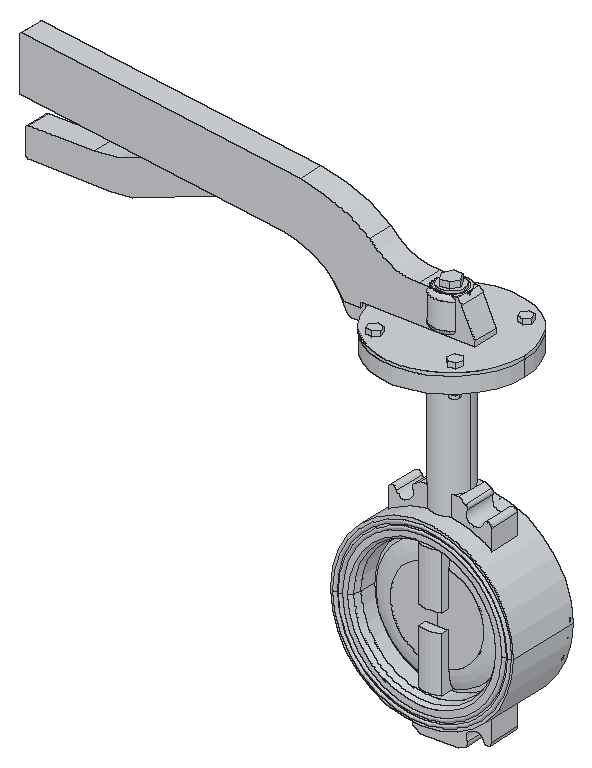
Revit family "R59WX006", category Plumbing Fixtures, Revit 2015
Reference planes
  plane 1 "Center (Front/Back)": y = 0
  plane 2: z = 0
  plane 3 "Center (Left/Right)": x = 0
  plane 4: z = 152
  plane 5: x = -260
  plane 6: z = 229
  plane 7: z = 187
  plane 8: z = -76
  plane 9: z = -30
  plane 10: z = 182
  plane 11: y = -22.488
  plane 12: y = 22.512
  plane 13: z = -28.858
Forms (mm)
  Extrusion 1, solid
    sketch origin (0, 0, 142) x (1, 0, 0) y (0, 1, 0)
      loop
        circle (0, 0) r 45
    from 0 to 10
  Extrusion 2, solid
    sketch origin (0, 0, -76.95) x (1, 0, 0) y (0, 1, 0)
      loop
        circle (0, 0) r 12
    from 118.947 to 218.95
  Revolve 3, solid
    sketch origin (0, 0, 0) x (0, 1, 0) y (0, 0, 1)
      loop
        line (11.11, 0) -> (-11.11, 0) -> (-11.11, -28.858)
        arc (-11.11, -28.858) -> (-10.324, -34.685) -> (-8, -40.085) r 21.649
        line (-8, -40.085) -> (-6, -40.085) -> (-6, -42.885) -> (6, -42.885) -> (6, -40.085) -> (8, -40.085)
        arc (8, -40.085) -> (10.324, -34.685) -> (11.11, -28.858) r 21.649
        line (11.11, -28.858) -> (11.11, 0)
      axis (11.11, 0) -> (-11.11, 0)
    angle from 0 to 360
  Blend 4, solid
    base sketch origin (0, 0, -4.163) x (1, 0, 0) y (0, 1, 0)
      loop
        line (-6.883, 16.4) -> (-6.883, -16.4)
        arc (-6.883, -16.4) -> (0, -18.078) -> (6.883, -16.4) r 14.953
        line (6.883, -16.4) -> (6.883, 16.4)
        arc (6.883, 16.4) -> (0, 18.078) -> (-6.883, 16.4) r 14.953
    top sketch origin (0, 0, 0) x (1, 0, 0) y (0, 1, 0)
      loop
        line (-6.883, 16.4) -> (-6.883, -16.4)
        arc (-6.883, -16.4) -> (0, -18.078) -> (6.883, -16.4) r 14.953
        line (6.883, -16.4) -> (6.883, 16.4)
        arc (6.883, 16.4) -> (0, 18.078) -> (-6.883, 16.4) r 14.953
    from 10.163 to 40.118
  Blend 5, solid
    base sketch origin (0, 0, -38.601) x (0, -1, 0) y (1, 0, 0)
      loop
        line (-16.4, -6.883) -> (16.4, -6.883)
        arc (16.4, -6.883) -> (18.078, 0) -> (16.4, 6.883) r 14.953
        line (16.4, 6.883) -> (-16.4, 6.883)
        arc (-16.4, 6.883) -> (-18.078, 0) -> (-16.4, -6.883) r 14.953
    top sketch origin (0, 0, -35.117) x (0, -1, 0) y (1, 0, 0)
      loop
        line (-16.4, -6.883) -> (16.4, -6.883)
        arc (16.4, -6.883) -> (18.078, 0) -> (16.4, 6.883) r 14.953
        line (16.4, 6.883) -> (-16.4, 6.883)
        arc (-16.4, 6.883) -> (-18.078, 0) -> (-16.4, -6.883) r 14.953
    from -1.471 to 29.117
  Extrusion 6, solid
    sketch origin (99.126, -27.447, 154) x (0, -1, 0) y (1, 0, 0)
      loop
        line (3.99, -123.113) -> (0.805, -120.344) -> (-3.184, -121.718) -> (-3.99, -125.86) -> (-0.805, -128.628) -> (3.184, -127.254) -> (3.99, -123.113)
    from 0 to 3
  Extrusion 7, solid
    sketch origin (99.126, -27.447, 134) x (0, -1, 0) y (1, 0, 0)
      loop
        circle (0, -124.486) r 3
    from 2.505 to 20
  Extrusion 8, solid
    sketch origin (99.126, -27.447, 141) x (0, -1, 0) y (1, 0, 0)
      loop
        line (3.99, -123.113) -> (0.805, -120.344) -> (-3.184, -121.718) -> (-3.99, -125.86) -> (-0.805, -128.628) -> (3.184, -127.254) -> (3.99, -123.113)
      loop
        line (-3.444, -125.672) -> (-0.695, -128.061) -> (2.749, -126.876) -> (3.444, -123.301) -> (0.695, -120.911) -> (-2.749, -122.097) -> (-3.444, -125.672)
    from -1.968 to 1
  Extrusion 9, solid, not visible
    sketch origin (26.117, -96.518, 104.233) x (0, -1, 0) y (1, 0, 0)
      loop
        line (3.99, -123.113) -> (0.805, -120.344) -> (-3.184, -121.718) -> (-3.99, -125.86) -> (-0.805, -128.628) -> (3.184, -127.254) -> (3.99, -123.113)
    from 0 to 3
  Extrusion 10, solid, not visible
    sketch origin (26.117, -96.518, 84.233) x (0, -1, 0) y (1, 0, 0)
      loop
        circle (0, -124.486) r 3
    from 2.505 to 20
  Extrusion 11, solid, not visible
    sketch origin (26.117, -96.518, 91.233) x (0, -1, 0) y (1, 0, 0)
      loop
        line (3.99, -123.113) -> (0.805, -120.344) -> (-3.184, -121.718) -> (-3.99, -125.86) -> (-0.805, -128.628) -> (3.184, -127.254) -> (3.99, -123.113)
      loop
        line (-3.444, -125.672) -> (-0.695, -128.061) -> (2.749, -126.876) -> (3.444, -123.301) -> (0.695, -120.911) -> (-2.749, -122.097) -> (-3.444, -125.672)
    from -1.968 to 1
  Extrusion 12, solid
    sketch origin (0, 0, 152) x (1, 0, 0) y (0, 1, 0)
      loop
        circle (0, 0) r 45
    from 0 to 2
  Extrusion 13, solid
    sketch origin (99.126, -27.447, 154) x (0, -1, 0) y (1, 0, 0)
      loop
        line (-58.884, -123.113) -> (-58.079, -127.254) -> (-54.09, -128.628) -> (-50.905, -125.86) -> (-51.71, -121.718) -> (-55.7, -120.344) -> (-58.884, -123.113)
    from 0 to 3
  Extrusion 14, solid
    sketch origin (99.126, -27.447, 134) x (0, -1, 0) y (1, 0, 0)
      loop
        circle (-54.895, -124.486) r 3
    from 2.505 to 20
  Extrusion 15, solid
    sketch origin (99.126, -27.447, 141) x (0, -1, 0) y (1, 0, 0)
      loop
        line (-58.884, -123.113) -> (-58.079, -127.254) -> (-54.09, -128.628) -> (-50.905, -125.86) -> (-51.71, -121.718) -> (-55.7, -120.344) -> (-58.884, -123.113)
      loop
        line (-51.451, -125.672) -> (-52.146, -122.097) -> (-55.59, -120.911) -> (-58.339, -123.301) -> (-57.644, -126.876) -> (-54.2, -128.061) -> (-51.451, -125.672)
    from -1.968 to 1
  Extrusion 16, solid
    sketch origin (-100.376, 27.447, 154) x (0, 1, 0) y (-1, 0, 0)
      loop
        line (-58.884, -123.113) -> (-58.079, -127.254) -> (-54.09, -128.628) -> (-50.905, -125.86) -> (-51.71, -121.718) -> (-55.7, -120.344) -> (-58.884, -123.113)
    from 0 to 3
  Extrusion 17, solid
    sketch origin (-100.376, 27.447, 134) x (0, 1, 0) y (-1, 0, 0)
      loop
        circle (-54.895, -124.486) r 3
    from 2.505 to 20
  Extrusion 18, solid
    sketch origin (-100.376, 27.447, 141) x (0, 1, 0) y (-1, 0, 0)
      loop
        line (-58.884, -123.113) -> (-58.079, -127.254) -> (-54.09, -128.628) -> (-50.905, -125.86) -> (-51.71, -121.718) -> (-55.7, -120.344) -> (-58.884, -123.113)
      loop
        line (-51.451, -125.672) -> (-52.146, -122.097) -> (-55.59, -120.911) -> (-58.339, -123.301) -> (-57.644, -126.876) -> (-54.2, -128.061) -> (-51.451, -125.672)
    from -1.968 to 1
  Extrusion 19, solid
    sketch origin (-100.376, 27.447, 154) x (0, 1, 0) y (-1, 0, 0)
      loop
        line (3.99, -123.113) -> (0.805, -120.344) -> (-3.184, -121.718) -> (-3.99, -125.86) -> (-0.805, -128.628) -> (3.184, -127.254) -> (3.99, -123.113)
    from 0 to 3
  Extrusion 20, solid
    sketch origin (-100.376, 27.447, 134) x (0, 1, 0) y (-1, 0, 0)
      loop
        circle (0, -124.486) r 3
    from 2.505 to 20
  Extrusion 21, solid
    sketch origin (-100.376, 27.447, 141) x (0, 1, 0) y (-1, 0, 0)
      loop
        line (3.99, -123.113) -> (0.805, -120.344) -> (-3.184, -121.718) -> (-3.99, -125.86) -> (-0.805, -128.628) -> (3.184, -127.254) -> (3.99, -123.113)
      loop
        line (-3.444, -125.672) -> (-0.695, -128.061) -> (2.749, -126.876) -> (3.444, -123.301) -> (0.695, -120.911) -> (-2.749, -122.097) -> (-3.444, -125.672)
    from -1.968 to 1
  Extrusion 22, solid
    sketch origin (125.063, -27.447, 179.144) x (0, -1, 0) y (1, 0, 0)
      loop
        line (-32.638, -122.069) -> (-32.638, -128.062) -> (-27.447, -131.059) -> (-22.257, -128.062) -> (-22.257, -122.069) -> (-27.447, -119.072) -> (-32.638, -122.069)
    from -1.014 to 2.856
  Extrusion 23, solid
    sketch origin (124.477, -54.895, 174.2) x (0, -1, 0) y (1, 0, 0)
      loop
        circle (-54.895, -124.486) r 8
    from -22.2 to 3.931
  Sweep 24, solid
    path origin (0, 0, 0) x (1, 0, 0) y (0, 0, 1)
      loop
        circle (0, 0) r 56.5
    profile origin (0, 0, -56.5) x (0, 0, 1) y (0, -1, 0)
      loop
        line (0, 22.512) -> (0, -22.512) -> (1.765, -22.512)
        arc (1.765, -22.512) -> (2.779, -23.526) -> (3.792, -22.512) r 1.014
        line (3.792, -22.512) -> (5.065, -22.512)
        arc (5.065, -22.512) -> (6.079, -23.526) -> (7.093, -22.512) r 1.014
        line (7.093, -22.512) -> (10.888, -22.512) -> (12.517, -20.17) -> (13.615, -16.074) -> (13.615, 16.074) -> (12.517, 20.17) -> (10.888, 22.512) -> (7.093, 22.512)
        arc (7.093, 22.512) -> (6.079, 23.526) -> (5.065, 22.512) r 1.014
        line (5.065, 22.512) -> (3.792, 22.512)
        arc (3.792, 22.512) -> (2.779, 23.526) -> (1.765, 22.512) r 1.014
        line (1.765, 22.512) -> (0, 22.512)
  Revolve 25, solid
    sketch origin (0, 0, 12) x (1, 0, 0) y (0, 0, 1)
      loop
        line (-9.486, 143.746) -> (0, 143.746) -> (0, 165) -> (-9.486, 165)
        arc (-9.486, 165) -> (-11.259, 164.265) -> (-11.994, 162.492) r 2.508
        line (-11.994, 162.492) -> (-11.994, 146.254)
        arc (-11.994, 146.254) -> (-11.259, 144.481) -> (-9.486, 143.746) r 2.508
      axis (0, 143.746) -> (0, 165)
    angle from 0 to 360
  Extrusion 26, solid
    sketch origin (0.745, 45.948, -128.642) x (1, 0, 0) y (0, 0, 1)
      loop
        arc (-14.408, 305.574) -> (-31.009, 309.172) -> (-44.632, 319.319) r 40.102
        arc (-44.632, 319.319) -> (-64.682, 331.561) -> (-87.387, 337.59) r 81.686
        line (-87.387, 337.59) -> (-259.322, 357.495)
        arc (-259.322, 357.495) -> (-259.796, 357.345) -> (-260, 356.891) r 0.608
        line (-260, 356.891) -> (-260, 323.702) -> (-98.154, 304.965)
        arc (-98.154, 304.965) -> (-76.145, 296.857) -> (-60.289, 279.573) r 49.8
        line (-60.289, 279.573) -> (-50.289, 279.573) -> (-50.289, 282.573) -> (19.968, 282.573) -> (19.968, 285.573) -> (12.413, 302.542)
        arc (12.413, 302.542) -> (11.19, 304.332) -> (9.414, 305.574) r 6.038
        line (9.414, 305.574) -> (-14.408, 305.574)
    from 37.966 to 54.11
  Extrusion 27, solid
    sketch origin (-37.038, 45.948, -203.156) x (1, 0, 0) y (0, 0, 1)
      loop
        line (-177.106, 382.301) -> (-217.214, 382.301)
        arc (-217.214, 382.301) -> (-218.486, 381.806) -> (-219.141, 380.609) r 1.995
        line (-219.141, 380.609) -> (-219.141, 365.458)
        arc (-219.141, 365.458) -> (-218.486, 364.261) -> (-217.214, 363.766) r 1.995
        line (-217.214, 363.766) -> (-165.969, 363.766)
        arc (-165.969, 363.766) -> (-159.476, 364.161) -> (-153.041, 365.112) r 75.785
        line (-153.041, 365.112) -> (-100.731, 384.151) -> (-60.371, 379.479)
        arc (-60.371, 379.479) -> (-36.372, 369.39) -> (-21.513, 348.013) r 46.662
        arc (-21.513, 348.013) -> (-20.032, 346.784) -> (-18.159, 346.344) r 4.207
        line (-18.159, 346.344) -> (-9.636, 346.344) -> (-9.636, 357.087) -> (-17.519, 357.087)
        arc (-17.519, 357.087) -> (-19.393, 357.527) -> (-20.874, 358.756) r 4.207
        line (-20.874, 358.756) -> (-36.673, 388.468)
        arc (-36.673, 388.468) -> (-42.926, 395.877) -> (-51.675, 400.052) r 23.006
        line (-51.675, 400.052) -> (-121.464, 408.132)
        arc (-121.464, 408.132) -> (-146.554, 389.335) -> (-177.106, 382.301) r 75.785
    from 38.356 to 53.486
  Extrusion 28, solid
    sketch origin (-2.068, 0.293, 5.749) x (1, 0, 0) y (0, 0, 1)
      loop
        arc (18.871, -73.372) -> (19.767, -72.09) -> (19.652, -70.538) r 2.274
        arc (19.652, -70.538) -> (22.463, -63.171) -> (29.701, -66.3) r 5.458
        arc (29.701, -66.3) -> (32.458, -68.058) -> (34.596, -65.584) r 2.5
        line (34.596, -65.584) -> (34.596, -51.977)
        arc (34.596, -51.977) -> (2.952, -62.226) -> (-28.974, -52.894) r 56.5
        line (-28.974, -52.894) -> (-28.974, -65.584)
        arc (-28.974, -65.584) -> (-26.836, -68.058) -> (-24.079, -66.3) r 2.5
        arc (-24.079, -66.3) -> (-16.841, -63.171) -> (-14.03, -70.538) r 5.458
        arc (-14.03, -70.538) -> (-14.145, -72.09) -> (-13.249, -73.37) r 2.274
        arc (-13.249, -73.37) -> (-11.147, -74.672) -> (-8.94, -75.787) r 28.535
        line (-8.94, -75.787) -> (14.565, -75.787)
        arc (14.565, -75.787) -> (16.77, -74.673) -> (18.871, -73.372) r 28.535
    from -9.388 to 9.974
  Extrusion 29, solid
    sketch origin (-2.068, 0.293, -5.636) x (1, 0, 0) y (0, 0, 1)
      loop
        arc (18.871, 71.788) -> (16.77, 73.089) -> (14.565, 74.203) r 28.535
        line (14.565, 74.203) -> (-8.94, 74.203)
        arc (-8.94, 74.203) -> (-11.147, 73.088) -> (-13.249, 71.787) r 28.535
        arc (-13.249, 71.787) -> (-14.145, 70.506) -> (-14.03, 68.955) r 2.274
        arc (-14.03, 68.955) -> (-16.841, 61.587) -> (-24.079, 64.717) r 5.458
        arc (-24.079, 64.717) -> (-26.836, 66.474) -> (-28.974, 64.001) r 2.5
        line (-28.974, 64.001) -> (-28.974, 52.385)
        arc (-28.974, 52.385) -> (2.979, 61.463) -> (34.596, 51.275) r 57.262
        line (34.596, 51.275) -> (34.596, 64.001)
        arc (34.596, 64.001) -> (32.458, 66.474) -> (29.701, 64.717) r 2.5
        arc (29.701, 64.717) -> (22.463, 61.587) -> (19.652, 68.955) r 5.458
        arc (19.652, 68.955) -> (19.767, 70.506) -> (18.871, 71.788) r 2.274
    from -9.388 to 9.974
Dimensions and locks
  plane 2 to plane 4 = 152 mm
  plane 3 "Center (Left/Right)" to plane 5 = 260 mm
  level to plane 6 = 229 mm
  plane 8 to level = 76 mm
  locked: plane 4 to plane 10 at 30
  plane 12 to plane 11 = 45 mm
  aligned and locked: level to plane 2
